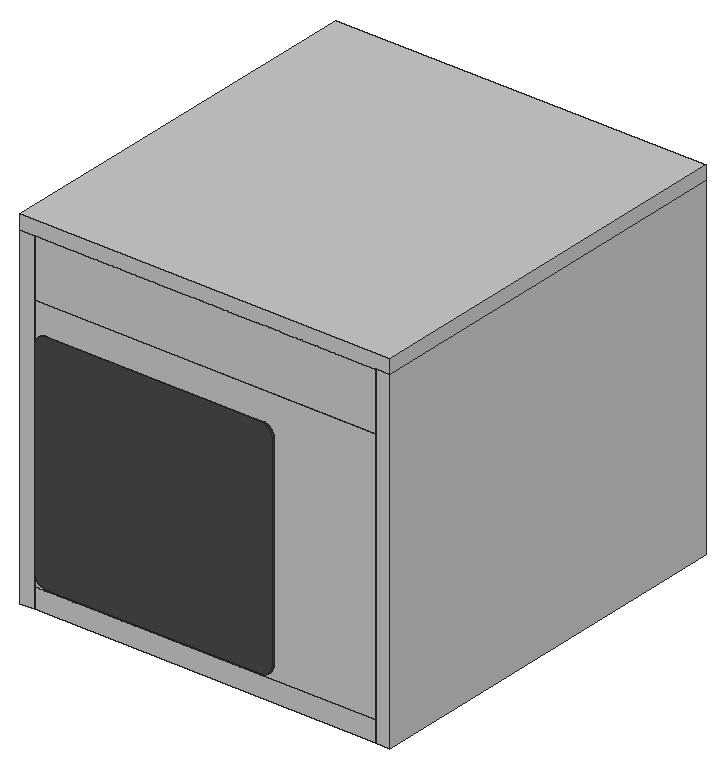
Revit family "QF_ELECTROLUXPROFESSIONAL_730289_IGF164I64SNP", category Attrezzature speciali, Revit 2018
Family settings
  Quota connettore circolare = Usa diametro
  Tipo di parte = Normale
  Basato su piano di lavoro = No
  Sempre verticale = Sì
  Taglio con vuoti quando caricato = No
  Condiviso = No
  Punto di calcolo locali = No
Parameters (values of type "Standard")
  Weight = 75.00 kg
  Watts = 0 W
  Volts = 220 V
  URL Manufacturer = "https://www.electroluxprofessional.com/"
  URL = "https://www.electroluxprofessional.com/"
  Steam Supply Size = 0 mm
  Steam Supply Minimum Pressure = 0.0 Pa
  Steam Supply Maximum Pressure = 0.0 Pa
  Steam Pounds per Hour = 0
  Show Logo [instance] = yes
  Show Clearance [instance] = yes
  Refrigeration Suction Line Size = 0 mm
  Refrigeration Liquid Line Size = 0 mm
  Refrigerant Compressor Remote = yes
  Produttore = "Electrolux Professional"
  Phase = 1
  Modello = "IGF164I64SNP"
  Length Actual = 515 mm  # constant formula
  Item Number = "730289"
  Hot Water Size = 0 mm
  Height Actual = 1460 mm  # constant formula
  HP = "0 HP"
  Gas Size = 0 mm
  Gas KW = 0
  Gas Input Pressure = 0 W
  Descrizione = "AIR COOLED GRANULAR ICE 182KG/24H-BIN 60KG"
  Depth Actual = 550 mm  # constant formula
  Cycle = 50 Hz
  Condensate Return Size = 0 mm
  Compressed Air Volume = 0.0 L/s
  Compressed Air Size = 0 mm
  Compressed Air Pressure = 0.0 Pa
  Cold Water Size = 19.05 mm
  Accessory = yes
Reference planes
  plane 1 "Center X": y = 272.851
  plane 2: z = 0
  plane 3 "Center Y": x = -501.5
  plane 4 "LEFT": x = -759
  plane 5 "BACK": y = 547.851
  plane 6 "RIGHT": x = -244
  plane 7 "FRONT": y = -2.149
  plane 8 "TOP": z = 486
  plane 9: x = -739
  plane 10: x = -264
  plane 11: z = 28
  plane 12: z = 466
  plane 13: z = 386
Forms (mm)
  Extrusion 1, solid, material "QF_Finishes_Stainless Steel"
    sketch origin (0, 0, 0) x (1, 0, 0) y (0, 1, 0)
      loop
        line (-759, 547.851) -> (-759, -2.149) -> (-739, -2.149) -> (-739, 547.851) -> (-759, 547.851)
      loop
        line (-264, 547.851) -> (-264, -2.149) -> (-244, -2.149) -> (-244, 547.851) -> (-264, 547.851)
    from 0 to 466
  Extrusion 2, solid, material "QF_Finishes_Stainless Steel"
    sketch origin (0, 0, 0) x (1, 0, 0) y (0, 1, 0)
      loop
        line (-759, 547.851) -> (-759, -2.149) -> (-244, -2.149) -> (-244, 547.851) -> (-759, 547.851)
    from 466 to 486
  Extrusion 3, solid, material "QF_Finishes_Stainless Steel"
    sketch origin (0, 0, 0) x (1, 0, 0) y (0, 1, 0)
      loop
        line (-739, 547.851) -> (-739, -2.149) -> (-264, -2.149) -> (-264, 547.851) -> (-739, 547.851)
    from 0 to 28
  Extrusion 4, solid, material "QF_Finishes_Black"
    sketch origin (-264, -2.149, 0) x (-1, 0, 0) y (0, 0, -1)
      loop
        arc (457.5, -346) -> (468.107, -341.607) -> (472.5, -331) r 15
        line (472.5, -331) -> (472.5, -46.529)
        arc (472.5, -46.529) -> (468.107, -35.923) -> (457.5, -31.529) r 15
        line (457.5, -31.529) -> (156.771, -31.529)
        arc (156.771, -31.529) -> (146.165, -35.923) -> (141.771, -46.529) r 15
        line (141.771, -46.529) -> (141.771, -331)
        arc (141.771, -331) -> (146.165, -341.607) -> (156.771, -346) r 15
        line (156.771, -346) -> (457.5, -346)
    from 0 to 2
  Extrusion 5, solid, material "QF_Finishes_Stainless Steel"
    sketch origin (0, 0, 358) x (1, 0, 0) y (0, 1, 0)
      loop
        line (-739, 17.851) -> (-739, -2.149) -> (-264, -2.149) -> (-264, 17.851) -> (-739, 17.851)
    from 28 to 108
  Extrusion 6, solid, material "QF_Finishes_Stainless Steel"
    sketch origin (-501.5, 0, 0) x (0, 1, 0) y (0, 0, 1)
      loop
        line (547.851, 28) -> (547.851, 466) -> (17.851, 466) -> (17.851, 386) -> (-2.149, 386) -> (-2.149, 28) -> (547.851, 28)
    from -237.5 to 237.5
  Extrusion 7, solid, material "QF_Finishes_Stainless Steel"
    sketch origin (-530.119, 547.851, 466.153) x (0, 0, -1) y (-1, 0, 0)
      loop
        circle (415.153, -214.119) r 10
    from 0 to 10
  Extrusion 8, solid, material "QF_Finishes_Stainless Steel"
    sketch origin (-560.119, 547.851, 479.153) x (0, 0, -1) y (-1, 0, 0)
      loop
        circle (415.153, -214.119) r 10
    from 0 to 10
  Extrusion 9, solid, material "QF_Finishes_Stainless Steel"
    sketch origin (-570.119, 547.851, 454.153) x (0, 0, -1) y (-1, 0, 0)
      loop
        circle (415.153, -214.119) r 10
    from 0 to 10
Lines and regions (mm)
  Split face 1
    outline origin (-264, -2.149, 358) x (-1, 0, 0) y (0, 0, -1)
      loop
        line (111.166, -89.646) -> (111.166, -44.646) -> (36.166, -44.646) -> (36.166, -89.646) -> (111.166, -89.646)
  Split face 2
    outline origin (-264, -2.149, 358) x (-1, 0, 0) y (0, 0, -1)
      loop
        line (66.801, -84.104) -> (66.801, -49.914) -> (41.176, -49.914) -> (41.176, -84.104) -> (66.801, -84.104)
  symbolic lines
    curve 1: line (-759, 547.851, 0) -> (-244, 547.851, 0)
    curve 2: line (-759, -2.149, 0) -> (-759, 547.851, 0)
    curve 3: line (-244, -2.149, 0) -> (-759, -2.149, 0)
    curve 4: line (-244, 547.851, 0) -> (-244, -2.149, 0)
Dimensions and locks
  equal spacing: plane 4 "LEFT", plane 3 "Center Y", plane 6 "RIGHT"
  plane 4 "LEFT" to plane 6 "RIGHT" = 515 mm
  plane 5 "BACK" to plane 7 "FRONT" = 550 mm
  equal spacing: plane 5 "BACK", plane 1 "Center X", plane 7 "FRONT"
  plane 8 "TOP" to plane 2 = 486 mm
  locked: plane 4 "LEFT" to plane 9 at 20
  locked: plane 10 to plane 6 "RIGHT" at 20
  locked: plane 11 to plane 2 at 28
  locked: plane 8 "TOP" to plane 12 at 20
  locked: plane 12 to plane 13 at 80
  aligned and locked: level to plane 2
  aligned and locked: Extrusion 1 sketch curve to plane 5 "BACK"  (x2)
  aligned and locked: plane 4 "LEFT" to Extrusion 1 sketch curve
  aligned and locked: plane 7 "FRONT" to Extrusion 1 sketch curve  (x2)
  aligned and locked: Extrusion 1 sketch curve to plane 9
  aligned and locked: plane 10 to Extrusion 1 sketch curve
  aligned and locked: Extrusion 1 sketch curve to plane 6 "RIGHT"
  aligned and locked: plane 12 to Extrusion 1
  aligned and locked: Extrusion 2 sketch curve to Extrusion 1  (x4)
  aligned and locked: plane 8 "TOP" to Extrusion 2
  aligned and locked: Extrusion 2 to Extrusion 1
  aligned and locked: Extrusion 3 sketch curve to Extrusion 1  (x4)
  aligned and locked: plane 11 to Extrusion 3
  aligned and locked: Extrusion 6 sketch curve to plane 12
  aligned and locked: Extrusion 6 sketch curve to plane 5 "BACK"
  aligned and locked: plane 11 to Extrusion 6 sketch curve
  aligned and locked: plane 7 "FRONT" to Extrusion 6 sketch curve
  aligned and locked: Extrusion 6 sketch curve to plane 13
  aligned and locked: Extrusion 6 sketch curve to Extrusion 5
  aligned and locked: Extrusion 6 to plane 9
  aligned and locked: plane 10 to Extrusion 6
Automatic sketch dimensions
  curve 3 to plane 4 "LEFT" = 0 mm
  curve 3 to plane 6 "RIGHT" = 0 mm
  curve 3 to plane 7 "FRONT" = 0 mm
  curve 2 to plane 5 "BACK" = 0 mm
  plane 11 to Extrusion 4 sketch curve = 18.529 mm
  plane 3 "Center Y" to Extrusion 4 sketch curve = 95.729 mm
  plane 11 to Extrusion 4 sketch curve = 3.529 mm
  Extrusion 4 sketch curve to Extrusion 4 sketch curve = 15 mm
  plane 9 to Extrusion 4 sketch curve = 17.5 mm  (x2)
  plane 9 to Extrusion 4 sketch curve = 2.5 mm
  Extrusion 4 sketch curve to plane 13 = 55 mm
  Extrusion 5 sketch curve to plane 7 "FRONT" = 0 mm
  Extrusion 5 sketch curve to plane 9 = 0 mm
  Extrusion 5 sketch curve to plane 10 = 0 mm
  plane 7 "FRONT" to Extrusion 5 sketch curve = 20 mm
  Split face 1 sketch curve to Extrusion 5 = 36.166 mm
  Split face 1 sketch curve to Extrusion 5 = 16.646 mm
  Split face 1 sketch curve to Split face 1 sketch curve = 75 mm
  Split face 1 sketch curve to Extrusion 5 = 18.354 mm
  Split face 2 sketch curve to Extrusion 5 = 41.176 mm
  Split face 2 sketch curve to Split face 2 sketch curve = 25.625 mm
  Split face 2 sketch curve to Extrusion 5 = 23.896 mm
  Split face 2 sketch curve to Extrusion 5 = 21.914 mm
  Extrusion 6 to Extrusion 7 sketch curve = 23 mm
  Extrusion 6 to Extrusion 7 sketch curve = 52 mm
  Extrusion 6 to Extrusion 8 sketch curve = 36 mm
  Extrusion 6 to Extrusion 8 sketch curve = 82 mm
  Extrusion 6 to Extrusion 9 sketch curve = 11 mm
  Extrusion 6 to Extrusion 9 sketch curve = 92 mm
  radius of Extrusion 7 sketch curve = 10 mm
  radius of Extrusion 8 sketch curve = 10 mm
  radius of Extrusion 9 sketch curve = 10 mm
Connectors
  electrical at (-346, 557.851, 64), driven by "Volts"
    settings: on Extrusion 8, index 1, voltage 220 V, apparent load 0 VA, apparent load phase1 0 VA, apparent load phase2 0 VA, apparent load phase3 0 VA, power factor 1, load classification "Altro", number of poles 1, system type 30, power factor state 1, is connector primary yes, connector utility no, sub classification motor no, connector description "Electrical Connection"
  piping at (-316, 557.851, 51), diameter 20
    settings: on Extrusion 7, index 2, connector inside diameter 609.6 mm, connector length 0 mm, flow factor 0, pipe flow 0.0 L/s, pressure drop 0.0 Pa, fitting loss kfactor 0, connector angle 0.00°, fixture units 0, engagement length 0 mm, angle of deflection 0.00°, flow configuration 0, flow direction 0, fitting loss method 0, system type 20, joint type 0, gender type 0, connector reference index -1, connector utility 0, adjustable connector no, is connector primary yes, connector description "Cold Water"
  piping at (-356, 557.851, 39), diameter 20
    settings: on Extrusion 9, index 3, connector inside diameter 609.6 mm, connector length 0 mm, flow factor 0, pipe flow 0.0 L/s, pressure drop 0.0 Pa, fitting loss kfactor 0, connector angle 0.00°, fixture units 0, engagement length 0 mm, angle of deflection 0.00°, flow configuration 0, flow direction 0, fitting loss method 0, system type 16, joint type 0, gender type 0, connector reference index -1, connector utility 0, adjustable connector no, is connector primary no, connector description "Drain"
